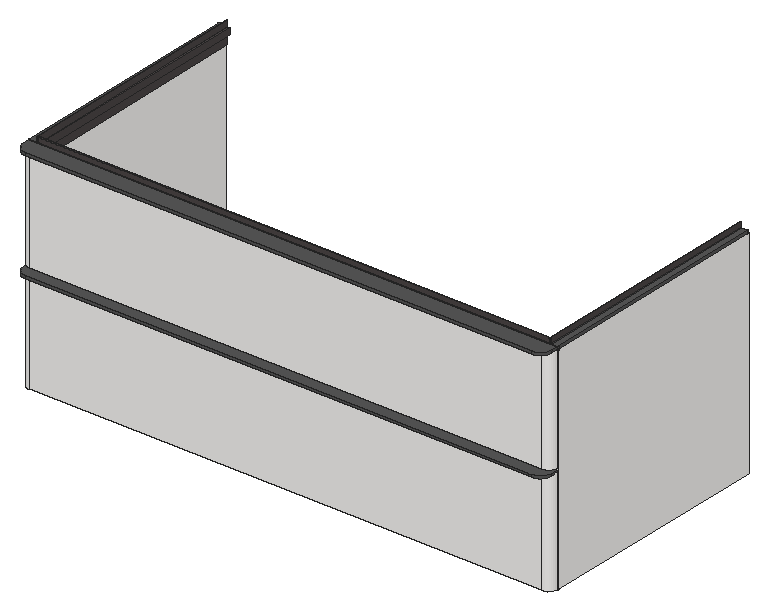
Revit family "vanity unit with 2 drawers for consoles with bowl", category Furniture, Revit 2019 (continued)
Definition of nested family "vanity unit 780_550 with 2 drawers for consoles with bowl-54076000-natural oak-chrome-200_content"
  Parameters (values of type "Vanity unit 780_550 with 2 drawers for consoles with bowl-54076000-Natural Oak-CHROME-200_Content")
    Default Elevation = 1219.2 mm
    DESIGN = "Germany"
    ContentVisible [instance] = yes
    CATALOG = "Hansgrohe"
    BIMOBJECT = "Sanitary: Compound units"
    BASENUMBER = "Vanity unit 780/550 with 2 drawers for consoles with bowl"
    ARTNR = "54076000"
  Reference planes
    plane 1 "Center (Front/Back)": y = 0
    plane 2: z = 0
    plane 3 "Center (Left/Right)": x = 0
  Forms (mm)
    Extrusion 1, solid, visible <- "ContentVisible", detail levels medium+fine
      sketch origin (0, 0, 0) x (1, 0, 0) y (0, 1, 0)
        loop
          line (-390, 0) -> (-390, -551) -> (390, -551) -> (390, 0) -> (374, 0) -> (374, -117) -> (-374, -117) -> (-374, 0) -> (-390, 0)
      from 0 to 480
    Extrusion 2, solid, visible <- "ContentVisible", detail levels medium+fine
      sketch origin (0, 0, 234) x (1, 0, 0) y (0, 1, 0)
        loop
          line (-388.5, -528.5) -> (-388.5, -571) -> (388.5, -571) -> (388.5, -528.5) -> (-388.5, -528.5)
      from 0 to 5
    Extrusion 3, solid, visible <- "ContentVisible", detail levels medium+fine
      sketch origin (0, 0, 480) x (1, 0, 0) y (0, 1, 0)
        loop
          line (-388.5, -528.5) -> (-388.5, -571) -> (388.5, -571) -> (388.5, -528.5) -> (-388.5, -528.5)
      from 0 to 5
    Extrusion 4, solid, visible <- "ContentVisible", detail levels medium+fine
      sketch origin (0, 0, 0) x (1, 0, 0) y (0, 0, -1)
        loop
          line (-374, -447) -> (-374, -485) -> (-372.5, -485) -> (-372.5, -447) -> (-374, -447)
      from -530 to 0
    Extrusion 5, solid, visible <- "ContentVisible", detail levels medium+fine
      sketch origin (0, 0, 0) x (1, 0, 0) y (0, 0, -1)
        loop
          line (372.5, -446.8) -> (372.5, -485) -> (374, -485) -> (374, -446.8) -> (372.5, -446.8)
      from -530 to 0
    Extrusion 6, solid, visible <- "ContentVisible", detail levels medium+fine
      sketch origin (0, 0, 480) x (1, 0, 0) y (0, 1, 0)
        loop
          line (-390, 0) -> (-390, -530) -> (-374, -530) -> (-374, 0) -> (-390, 0)
      from 0 to 5
    Extrusion 7, solid, visible <- "ContentVisible", detail levels medium+fine
      sketch origin (0, 0, 480) x (1, 0, 0) y (0, 1, 0)
        loop
          line (374, 0) -> (374, -530) -> (390, -530) -> (390, 0) -> (374, 0)
      from 0 to 5
    Extrusion 8, solid, visible <- "ContentVisible", detail levels medium+fine
      sketch origin (0, 0, 0) x (1, 0, 0) y (0, 0, -1)
        loop
          line (-372.5, -447) -> (-372.5, -496) -> (-366.4, -496) -> (-366.4, -447) -> (-372.5, -447)
      from -528.5 to 0
    Extrusion 9, solid, visible <- "ContentVisible", detail levels medium+fine
      sketch origin (0, 0, 0) x (1, 0, 0) y (0, 0, -1)
        loop
          line (366.4, -447) -> (366.4, -496) -> (372.5, -496) -> (372.5, -447) -> (366.4, -447)
      from -528.5 to 0
    Extrusion 10, solid, visible <- "ContentVisible", detail levels medium+fine
      sketch origin (0, 0, 0) x (0, 0, -1) y (0, 1, 0)
        loop
          line (-496, -528.5) -> (-447, -528.5) -> (-447, -522.4) -> (-496, -522.4) -> (-496, -528.5)
      from -372.5 to 372.5
    Extrusion 11, solid, visible <- "ContentVisible", detail levels coarse
      sketch origin (0, -285.5, 0) x (1, 0, 0) y (0, 1, 0)
        loop
          line (-390, -285.5) -> (390, -285.5) -> (390, 285.5) -> (-390, 285.5) -> (-390, -285.5)
      from 0 to 496
  Dimensions and locks
    aligned and locked: level to plane 2
Definition of nested family "vanity unit 780_550 with 2 drawers for consoles with bowl-54076000-natural oak-chrome-400_content"
  Parameters (values of type "Vanity unit 780_550 with 2 drawers for consoles with bowl-54076000-Natural Oak-CHROME-400_Content")
    etim7_EC011381 = "EC011381"
    WEIGHT = "31.3"
    UNSPSC = "56 | Furniture and Furnishings"
    UNIFORMATII = "E2010 | Fixed Furnishings"
    UNICLASS_2015_CODE = "40_30_78_05"
    UNICLASS2015 = "Pr_40_30_78_05 | Bathroom furniture"
    SURFACE = "CHROME"
    REGIONSET = "Worldwide"
    PRODUCTURL = "https://pro.hansgrohe.com/articledetail--54076000"
    PRODUCTGROUP = "vanity unit"
    PRODUCTFAMILY = "Xelu Q"
    PERMALINK = "54076XXX"
    OMNICLASS = "23-21 19 15 33 13 | Residential Bathroom Specialty Casework"
    OBJECTTYPE = "Object (single object)"
    OBERFLAECHE = "Natural Oak"
    NN = "Vanity unit with 2 drawers for consoles with bowl"
    NBSYN = "$BASENUMBER.-$ARTNR.-$OBERFLAECHE.-$SURFACE.-$LODLEVEL."
    NB = "Vanity unit 780/550 with 2 drawers for consoles with bowl-54076000-Natural Oak-CHROME-400"
    NAME = "Xelu Q Vanity unit Natural Oak 780/550 with 2 drawers for consoles with bowl"
    Model = "Vanity unit 780/550 with 2 drawers for consoles with bowl-54076000-Natural Oak-CHROME-400"
    Manufacturer = "Hansgrohe"
    MASTERFORMAT = "12 35 30.23 | Bathroom Casework"
    LODLEVEL = "400"
    LINA = "Vanity unit 780/550 with 2 drawers for consoles with bowl-54076000-Natural Oak-CHROME-400"
    L = 780
    IFC = "Furnishing element"
    GTINCODE = "4059625456477"
    ETIM = "EC011381 | Bathroom furniture set"
    Default Elevation = 1219.2 mm
    DESIGN = "Germany"
    ContentVisible [instance] = yes
    CATALOG = "Hansgrohe"
    BIMOBJECT = "Sanitary: Compound units"
    BASENUMBER = "Vanity unit 780/550 with 2 drawers for consoles with bowl"
    ARTNR = "54076000"
  Reference planes
    plane 1 "Center (Front/Back)": y = 0
    plane 2: z = 0
    plane 3 "Center (Left/Right)": x = 0
  Forms (mm)
    Extrusion 1, solid, visible <- "ContentVisible", detail levels medium+fine
      sketch origin (0, 0, 0) x (1, 0, 0) y (0, 1, 0)
        loop
          line (-390, 0) -> (-390, -527)
          arc (-390, -527) -> (-389.121, -529.121) -> (-387, -530) r 3
          line (-387, -530) -> (-374, -530) -> (-374, 0) -> (-390, 0)
      from 0 to 480
    Extrusion 2, solid, visible <- "ContentVisible", detail levels medium+fine
      sketch origin (0, 0, 0) x (1, 0, 0) y (0, 1, 0)
        loop
          line (-374, -133) -> (-374, -499.5) -> (374, -499.5) -> (374, -133) -> (-374, -133)
      from 0 to 16
    Extrusion 3, solid, visible <- "ContentVisible", detail levels medium+fine
      sketch origin (0, 0, 0) x (1, 0, 0) y (0, 1, 0)
        loop
          line (374, 0) -> (374, -530) -> (387, -530)
          arc (387, -530) -> (389.121, -529.121) -> (390, -527) r 3
          line (390, -527) -> (390, 0) -> (374, 0)
      from 0 to 480
    Extrusion 4, solid, visible <- "ContentVisible", detail levels medium+fine
      sketch origin (0, 0, 0) x (1, 0, 0) y (0, 1, 0)
        loop
          line (-374, -117) -> (-374, -133) -> (374, -133) -> (374, -117) -> (-374, -117)
      from 0 to 126
    Extrusion 5, solid, visible <- "ContentVisible", detail levels medium+fine
      sketch origin (0, 0, 2) x (1, 0, 0) y (0, 1, 0)
        loop
          arc (-390, -532) -> (-384.435, -545.435) -> (-371, -551) r 19
          line (-371, -551) -> (371, -551)
          arc (371, -551) -> (384.435, -545.435) -> (390, -532) r 19
          line (390, -532) -> (390, -530) -> (-390, -530) -> (-390, -532)
      from 0 to 234
    Extrusion 6, solid, visible <- "ContentVisible", detail levels medium+fine
      sketch origin (0, 0, 234) x (1, 0, 0) y (0, 1, 0)
        loop
          line (-388.5, -530) -> (-388.5, -546)
          arc (-388.5, -546) -> (-381.178, -563.678) -> (-363.5, -571) r 25
          line (-363.5, -571) -> (363.5, -571)
          arc (363.5, -571) -> (381.178, -563.678) -> (388.5, -546) r 25
          line (388.5, -546) -> (388.5, -530) -> (368.5, -530) -> (368.5, -528.5) -> (-368.5, -528.5) -> (-368.5, -530) -> (-388.5, -530)
      from 0 to 5
    Extrusion 7, solid, visible <- "ContentVisible", detail levels medium+fine
      sketch origin (0, 0, 0) x (0, 0, -1) y (0, 1, 0)
        loop
          line (-239, -528.5) -> (-239, -530) -> (-209, -530) -> (-209, -528.5) -> (-239, -528.5)
      from -368.5 to 368.5
    Extrusion 8, solid, visible <- "ContentVisible", detail levels medium+fine
      sketch origin (0, 0, 245) x (1, 0, 0) y (0, 1, 0)
        loop
          arc (-390, -532) -> (-384.435, -545.435) -> (-371, -551) r 19
          line (-371, -551) -> (371, -551)
          arc (371, -551) -> (384.435, -545.435) -> (390, -532) r 19
          line (390, -532) -> (390, -530) -> (-390, -530) -> (-390, -532)
      from 0 to 235
    Extrusion 9, solid, visible <- "ContentVisible", detail levels medium+fine
      sketch origin (0, 0, 480) x (1, 0, 0) y (0, 1, 0)
        loop
          line (-388.5, -530) -> (-388.5, -546)
          arc (-388.5, -546) -> (-381.178, -563.678) -> (-363.5, -571) r 25
          line (-363.5, -571) -> (363.5, -571)
          arc (363.5, -571) -> (381.178, -563.678) -> (388.5, -546) r 25
          line (388.5, -546) -> (388.5, -530) -> (368.5, -530) -> (368.5, -528.5) -> (-368.5, -528.5) -> (-368.5, -530) -> (-388.5, -530)
      from 0 to 5
    Extrusion 10, solid, visible <- "ContentVisible", detail levels medium+fine
      sketch origin (0, 0, 0) x (0, 0, -1) y (0, 1, 0)
        loop
          line (-485, -528.5) -> (-485, -530) -> (-455, -530) -> (-455, -528.5) -> (-485, -528.5)
      from -368.5 to 368.5
    Extrusion 11, solid, visible <- "ContentVisible", detail levels medium+fine
      sketch origin (0, 0, 0) x (1, 0, 0) y (0, 0, -1)
        loop
          line (-374, -447) -> (-374, -485) -> (-372.5, -485) -> (-372.5, -447) -> (-374, -447)
      from -530 to 0
    Extrusion 12, solid, visible <- "ContentVisible", detail levels medium+fine
      sketch origin (0, 0, 0) x (1, 0, 0) y (0, 0, -1)
        loop
          line (372.5, -446.8) -> (372.5, -485) -> (374, -485) -> (374, -446.8) -> (372.5, -446.8)
      from -530 to 0
    Extrusion 13, solid, visible <- "ContentVisible", detail levels medium+fine
      sketch origin (0, 0, 480) x (1, 0, 0) y (0, 1, 0)
        loop
          line (-390, -3) -> (-390, -527)
          arc (-390, -527) -> (-389.121, -529.121) -> (-387, -530) r 3
          line (-387, -530) -> (-374, -530) -> (-374, 0) -> (-387, 0)
          arc (-387, 0) -> (-389.121, -0.879) -> (-390, -3) r 3
      from 0 to 5
    Extrusion 14, solid, visible <- "ContentVisible", detail levels medium+fine
      sketch origin (0, 0, 480) x (1, 0, 0) y (0, 1, 0)
        loop
          line (374, 0) -> (374, -530) -> (387, -530)
          arc (387, -530) -> (389.121, -529.121) -> (390, -527) r 3
          line (390, -527) -> (390, -3)
          arc (390, -3) -> (389.121, -0.879) -> (387, 0) r 3
          line (387, 0) -> (374, 0)
      from 0 to 5
    Extrusion 15, solid, visible <- "ContentVisible", detail levels medium+fine
      sketch origin (0, 0, 0) x (1, 0, 0) y (0, 0, -1)
        loop
          line (-372.5, -447) -> (-372.5, -496) -> (-371, -496) -> (-371, -483) -> (-366.4, -483) -> (-366.4, -468.5) -> (-371, -468.5) -> (-371, -447) -> (-372.5, -447)
      from -528.5 to 0
    Extrusion 16, solid, visible <- "ContentVisible", detail levels medium+fine
      sketch origin (0, 0, 0) x (1, 0, 0) y (0, 0, -1)
        loop
          line (366.4, -468.5) -> (366.4, -483) -> (371, -483) -> (371, -496) -> (372.5, -496) -> (372.5, -447) -> (371, -447) -> (371, -468.5) -> (366.4, -468.5)
      from -528.5 to 0
    Extrusion 17, solid, visible <- "ContentVisible", detail levels medium+fine
      sketch origin (0, 0, 0) x (0, 0, -1) y (0, 1, 0)
        loop
          line (-496, -528.5) -> (-447, -528.5) -> (-447, -527) -> (-468.5, -527) -> (-468.5, -522.4) -> (-483, -522.4) -> (-483, -527) -> (-496, -527) -> (-496, -528.5)
      from -372.5 to 372.5
    Extrusion 18, solid, visible <- "ContentVisible", detail levels coarse
      sketch origin (0, -285.5, 0) x (1, 0, 0) y (0, 1, 0)
        loop
          line (-390, -285.5) -> (390, -285.5) -> (390, 285.5) -> (-390, 285.5) -> (-390, -285.5)
      from 0 to 496
  Dimensions and locks
    aligned and locked: level to plane 2
Definition of nested family "vanity unit 780_550 with 2 drawers for consoles with bowl-54076670-natural oak-matt_black-200_content"
  Parameters (values of type "Vanity unit 780_550 with 2 drawers for consoles with bowl-54076670-Natural Oak-MATT_BLACK-200_Content")
    etim7_EC011381 = "EC011381"
    WEIGHT = "31.3"
    UNSPSC = "56 | Furniture and Furnishings"
    UNIFORMATII = "E2010 | Fixed Furnishings"
    UNICLASS_2015_CODE = "40_30_78_05"
    UNICLASS2015 = "Pr_40_30_78_05 | Bathroom furniture"
    SURFACE = "MATT_BLACK"
    REGIONSET = "Worldwide"
    PRODUCTURL = "https://pro.hansgrohe.com/articledetail--54076000"
    PRODUCTGROUP = "vanity unit"
    PRODUCTFAMILY = "Xelu Q"
    PERMALINK = "54076XXX"
    OMNICLASS = "23-21 19 15 33 13 | Residential Bathroom Specialty Casework"
    OBJECTTYPE = "Object (single object)"
    OBERFLAECHE = "Natural Oak"
    NN = "Vanity unit with 2 drawers for consoles with bowl"
    NBSYN = "$BASENUMBER.-$ARTNR.-$OBERFLAECHE.-$SURFACE.-$LODLEVEL."
    NB = "Vanity unit 780/550 with 2 drawers for consoles with bowl-54076670-Natural Oak-MATT_BLACK-200"
    NAME = "Xelu Q Vanity unit Natural Oak 780/550 with 2 drawers for consoles with bowl"
    Model = "Vanity unit 780/550 with 2 drawers for consoles with bowl-54076670-Natural Oak-MATT_BLACK-200"
    Manufacturer = "Hansgrohe"
    MASTERFORMAT = "12 35 30.23 | Bathroom Casework"
    LODLEVEL = "200"
    LINA = "Vanity unit 780/550 with 2 drawers for consoles with bowl-54076670-Natural Oak-MATT_BLACK-200"
    L = 780
    IFC = "Furnishing element"
    GTINCODE = "4059625456477"
    ETIM = "EC011381 | Bathroom furniture set"
    Default Elevation = 1219.2 mm
    DESIGN = "Germany"
    ContentVisible [instance] = yes
    CATALOG = "Hansgrohe"
    BIMOBJECT = "Sanitary: Compound units"
    BASENUMBER = "Vanity unit 780/550 with 2 drawers for consoles with bowl"
    ARTNR = "54076670"
  Reference planes
    plane 1 "Center (Front/Back)": y = 0
    plane 2: z = 0
    plane 3 "Center (Left/Right)": x = 0
  Forms (mm)
    Extrusion 1, solid, visible <- "ContentVisible", detail levels medium+fine
      sketch origin (0, 0, 0) x (1, 0, 0) y (0, 1, 0)
        loop
          line (-390, 0) -> (-390, -551) -> (390, -551) -> (390, 0) -> (374, 0) -> (374, -117) -> (-374, -117) -> (-374, 0) -> (-390, 0)
      from 0 to 480
    Extrusion 2, solid, visible <- "ContentVisible", detail levels medium+fine
      sketch origin (0, 0, 234) x (1, 0, 0) y (0, 1, 0)
        loop
          line (-388.5, -528.5) -> (-388.5, -571) -> (388.5, -571) -> (388.5, -528.5) -> (-388.5, -528.5)
      from 0 to 5
    Extrusion 3, solid, visible <- "ContentVisible", detail levels medium+fine
      sketch origin (0, 0, 480) x (1, 0, 0) y (0, 1, 0)
        loop
          line (-388.5, -528.5) -> (-388.5, -571) -> (388.5, -571) -> (388.5, -528.5) -> (-388.5, -528.5)
      from 0 to 5
    Extrusion 4, solid, visible <- "ContentVisible", detail levels medium+fine
      sketch origin (0, 0, 0) x (1, 0, 0) y (0, 0, -1)
        loop
          line (-374, -447) -> (-374, -485) -> (-372.5, -485) -> (-372.5, -447) -> (-374, -447)
      from -530 to 0
    Extrusion 5, solid, visible <- "ContentVisible", detail levels medium+fine
      sketch origin (0, 0, 0) x (1, 0, 0) y (0, 0, -1)
        loop
          line (372.5, -446.8) -> (372.5, -485) -> (374, -485) -> (374, -446.8) -> (372.5, -446.8)
      from -530 to 0
    Extrusion 6, solid, visible <- "ContentVisible", detail levels medium+fine
      sketch origin (0, 0, 480) x (1, 0, 0) y (0, 1, 0)
        loop
          line (-390, 0) -> (-390, -530) -> (-374, -530) -> (-374, 0) -> (-390, 0)
      from 0 to 5
    Extrusion 7, solid, visible <- "ContentVisible", detail levels medium+fine
      sketch origin (0, 0, 480) x (1, 0, 0) y (0, 1, 0)
        loop
          line (374, 0) -> (374, -530) -> (390, -530) -> (390, 0) -> (374, 0)
      from 0 to 5
    Extrusion 8, solid, visible <- "ContentVisible", detail levels medium+fine
      sketch origin (0, 0, 0) x (1, 0, 0) y (0, 0, -1)
        loop
          line (-372.5, -447) -> (-372.5, -496) -> (-366.4, -496) -> (-366.4, -447) -> (-372.5, -447)
      from -528.5 to 0
    Extrusion 9, solid, visible <- "ContentVisible", detail levels medium+fine
      sketch origin (0, 0, 0) x (1, 0, 0) y (0, 0, -1)
        loop
          line (366.4, -447) -> (366.4, -496) -> (372.5, -496) -> (372.5, -447) -> (366.4, -447)
      from -528.5 to 0
    Extrusion 10, solid, visible <- "ContentVisible", detail levels medium+fine
      sketch origin (0, 0, 0) x (0, 0, -1) y (0, 1, 0)
        loop
          line (-496, -528.5) -> (-447, -528.5) -> (-447, -522.4) -> (-496, -522.4) -> (-496, -528.5)
      from -372.5 to 372.5
    Extrusion 11, solid, visible <- "ContentVisible", detail levels coarse
      sketch origin (0, -285.5, 0) x (1, 0, 0) y (0, 1, 0)
        loop
          line (-390, -285.5) -> (390, -285.5) -> (390, 285.5) -> (-390, 285.5) -> (-390, -285.5)
      from 0 to 496
  Dimensions and locks
    aligned and locked: level to plane 2
Definition of nested family "vanity unit 780_550 with 2 drawers for consoles with bowl-54076670-natural oak-matt_black-400_content"
  Parameters (values of type "Vanity unit 780_550 with 2 drawers for consoles with bowl-54076670-Natural Oak-MATT_BLACK-400_Content")
    etim7_EC011381 = "EC011381"
    WEIGHT = "31.3"
    UNSPSC = "56 | Furniture and Furnishings"
    UNIFORMATII = "E2010 | Fixed Furnishings"
    UNICLASS_2015_CODE = "40_30_78_05"
    UNICLASS2015 = "Pr_40_30_78_05 | Bathroom furniture"
    SURFACE = "MATT_BLACK"
    REGIONSET = "Worldwide"
    PRODUCTURL = "https://pro.hansgrohe.com/articledetail--54076000"
    PRODUCTGROUP = "vanity unit"
    PRODUCTFAMILY = "Xelu Q"
    PERMALINK = "54076XXX"
    OMNICLASS = "23-21 19 15 33 13 | Residential Bathroom Specialty Casework"
    OBJECTTYPE = "Object (single object)"
    OBERFLAECHE = "Natural Oak"
    NN = "Vanity unit with 2 drawers for consoles with bowl"
    NBSYN = "$BASENUMBER.-$ARTNR.-$OBERFLAECHE.-$SURFACE.-$LODLEVEL."
    NB = "Vanity unit 780/550 with 2 drawers for consoles with bowl-54076670-Natural Oak-MATT_BLACK-400"
    NAME = "Xelu Q Vanity unit Natural Oak 780/550 with 2 drawers for consoles with bowl"
    Model = "Vanity unit 780/550 with 2 drawers for consoles with bowl-54076670-Natural Oak-MATT_BLACK-400"
    Manufacturer = "Hansgrohe"
    MASTERFORMAT = "12 35 30.23 | Bathroom Casework"
    LODLEVEL = "400"
    LINA = "Vanity unit 780/550 with 2 drawers for consoles with bowl-54076670-Natural Oak-MATT_BLACK-400"
    L = 780
    IFC = "Furnishing element"
    GTINCODE = "4059625456477"
    ETIM = "EC011381 | Bathroom furniture set"
    Default Elevation = 1219.2 mm
    DESIGN = "Germany"
    ContentVisible [instance] = yes
    CATALOG = "Hansgrohe"
    BIMOBJECT = "Sanitary: Compound units"
    BASENUMBER = "Vanity unit 780/550 with 2 drawers for consoles with bowl"
    ARTNR = "54076670"
  Reference planes
    plane 1 "Center (Front/Back)": y = 0
    plane 2: z = 0
    plane 3 "Center (Left/Right)": x = 0
  Forms (mm)
    Extrusion 1, solid, visible <- "ContentVisible", detail levels medium+fine
      sketch origin (0, 0, 0) x (1, 0, 0) y (0, 1, 0)
        loop
          line (-390, 0) -> (-390, -527)
          arc (-390, -527) -> (-389.121, -529.121) -> (-387, -530) r 3
          line (-387, -530) -> (-374, -530) -> (-374, 0) -> (-390, 0)
      from 0 to 480
    Extrusion 2, solid, visible <- "ContentVisible", detail levels medium+fine
      sketch origin (0, 0, 0) x (1, 0, 0) y (0, 1, 0)
        loop
          line (-374, -133) -> (-374, -499.5) -> (374, -499.5) -> (374, -133) -> (-374, -133)
      from 0 to 16
    Extrusion 3, solid, visible <- "ContentVisible", detail levels medium+fine
      sketch origin (0, 0, 0) x (1, 0, 0) y (0, 1, 0)
        loop
          line (374, 0) -> (374, -530) -> (387, -530)
          arc (387, -530) -> (389.121, -529.121) -> (390, -527) r 3
          line (390, -527) -> (390, 0) -> (374, 0)
      from 0 to 480
    Extrusion 4, solid, visible <- "ContentVisible", detail levels medium+fine
      sketch origin (0, 0, 0) x (1, 0, 0) y (0, 1, 0)
        loop
          line (-374, -117) -> (-374, -133) -> (374, -133) -> (374, -117) -> (-374, -117)
      from 0 to 126
    Extrusion 5, solid, visible <- "ContentVisible", detail levels medium+fine
      sketch origin (0, 0, 2) x (1, 0, 0) y (0, 1, 0)
        loop
          arc (-390, -532) -> (-384.435, -545.435) -> (-371, -551) r 19
          line (-371, -551) -> (371, -551)
          arc (371, -551) -> (384.435, -545.435) -> (390, -532) r 19
          line (390, -532) -> (390, -530) -> (-390, -530) -> (-390, -532)
      from 0 to 234
    Extrusion 6, solid, visible <- "ContentVisible", detail levels medium+fine
      sketch origin (0, 0, 234) x (1, 0, 0) y (0, 1, 0)
        loop
          line (-388.5, -530) -> (-388.5, -546)
          arc (-388.5, -546) -> (-381.178, -563.678) -> (-363.5, -571) r 25
          line (-363.5, -571) -> (363.5, -571)
          arc (363.5, -571) -> (381.178, -563.678) -> (388.5, -546) r 25
          line (388.5, -546) -> (388.5, -530) -> (368.5, -530) -> (368.5, -528.5) -> (-368.5, -528.5) -> (-368.5, -530) -> (-388.5, -530)
      from 0 to 5
    Extrusion 7, solid, visible <- "ContentVisible", detail levels medium+fine
      sketch origin (0, 0, 0) x (0, 0, -1) y (0, 1, 0)
        loop
          line (-239, -528.5) -> (-239, -530) -> (-209, -530) -> (-209, -528.5) -> (-239, -528.5)
      from -368.5 to 368.5
    Extrusion 8, solid, visible <- "ContentVisible", detail levels medium+fine
      sketch origin (0, 0, 245) x (1, 0, 0) y (0, 1, 0)
        loop
          arc (-390, -532) -> (-384.435, -545.435) -> (-371, -551) r 19
          line (-371, -551) -> (371, -551)
          arc (371, -551) -> (384.435, -545.435) -> (390, -532) r 19
          line (390, -532) -> (390, -530) -> (-390, -530) -> (-390, -532)
      from 0 to 235
    Extrusion 9, solid, visible <- "ContentVisible", detail levels medium+fine
      sketch origin (0, 0, 480) x (1, 0, 0) y (0, 1, 0)
        loop
          line (-388.5, -530) -> (-388.5, -546)
          arc (-388.5, -546) -> (-381.178, -563.678) -> (-363.5, -571) r 25
          line (-363.5, -571) -> (363.5, -571)
          arc (363.5, -571) -> (381.178, -563.678) -> (388.5, -546) r 25
          line (388.5, -546) -> (388.5, -530) -> (368.5, -530) -> (368.5, -528.5) -> (-368.5, -528.5) -> (-368.5, -530) -> (-388.5, -530)
      from 0 to 5
    Extrusion 10, solid, visible <- "ContentVisible", detail levels medium+fine
      sketch origin (0, 0, 0) x (0, 0, -1) y (0, 1, 0)
        loop
          line (-485, -528.5) -> (-485, -530) -> (-455, -530) -> (-455, -528.5) -> (-485, -528.5)
      from -368.5 to 368.5
    Extrusion 11, solid, visible <- "ContentVisible", detail levels medium+fine
      sketch origin (0, 0, 0) x (1, 0, 0) y (0, 0, -1)
        loop
          line (-374, -447) -> (-374, -485) -> (-372.5, -485) -> (-372.5, -447) -> (-374, -447)
      from -530 to 0
    Extrusion 12, solid, visible <- "ContentVisible", detail levels medium+fine
      sketch origin (0, 0, 0) x (1, 0, 0) y (0, 0, -1)
        loop
          line (372.5, -446.8) -> (372.5, -485) -> (374, -485) -> (374, -446.8) -> (372.5, -446.8)
      from -530 to 0
    Extrusion 13, solid, visible <- "ContentVisible", detail levels medium+fine
      sketch origin (0, 0, 480) x (1, 0, 0) y (0, 1, 0)
        loop
          line (-390, -3) -> (-390, -527)
          arc (-390, -527) -> (-389.121, -529.121) -> (-387, -530) r 3
          line (-387, -530) -> (-374, -530) -> (-374, 0) -> (-387, 0)
          arc (-387, 0) -> (-389.121, -0.879) -> (-390, -3) r 3
      from 0 to 5
    Extrusion 14, solid, visible <- "ContentVisible", detail levels medium+fine
      sketch origin (0, 0, 480) x (1, 0, 0) y (0, 1, 0)
        loop
          line (374, 0) -> (374, -530) -> (387, -530)
          arc (387, -530) -> (389.121, -529.121) -> (390, -527) r 3
          line (390, -527) -> (390, -3)
          arc (390, -3) -> (389.121, -0.879) -> (387, 0) r 3
          line (387, 0) -> (374, 0)
      from 0 to 5
    Extrusion 15, solid, visible <- "ContentVisible", detail levels medium+fine
      sketch origin (0, 0, 0) x (1, 0, 0) y (0, 0, -1)
        loop
          line (-372.5, -447) -> (-372.5, -496) -> (-371, -496) -> (-371, -483) -> (-366.4, -483) -> (-366.4, -468.5) -> (-371, -468.5) -> (-371, -447) -> (-372.5, -447)
      from -528.5 to 0
    Extrusion 16, solid, visible <- "ContentVisible", detail levels medium+fine
      sketch origin (0, 0, 0) x (1, 0, 0) y (0, 0, -1)
        loop
          line (366.4, -468.5) -> (366.4, -483) -> (371, -483) -> (371, -496) -> (372.5, -496) -> (372.5, -447) -> (371, -447) -> (371, -468.5) -> (366.4, -468.5)
      from -528.5 to 0
    Extrusion 17, solid, visible <- "ContentVisible", detail levels medium+fine
      sketch origin (0, 0, 0) x (0, 0, -1) y (0, 1, 0)
        loop
          line (-496, -528.5) -> (-447, -528.5) -> (-447, -527) -> (-468.5, -527) -> (-468.5, -522.4) -> (-483, -522.4) -> (-483, -527) -> (-496, -527) -> (-496, -528.5)
      from -372.5 to 372.5
    Extrusion 18, solid, visible <- "ContentVisible", detail levels coarse
      sketch origin (0, -285.5, 0) x (1, 0, 0) y (0, 1, 0)
        loop
          line (-390, -285.5) -> (390, -285.5) -> (390, 285.5) -> (-390, 285.5) -> (-390, -285.5)
      from 0 to 496
  Dimensions and locks
    aligned and locked: level to plane 2
Definition of nested family "vanity unit 780_550 with 2 drawers for consoles with bowl-54076700-natural oak-matt_white-200_content"
  Parameters (values of type "Vanity unit 780_550 with 2 drawers for consoles with bowl-54076700-Natural Oak-MATT_WHITE-200_Content")
    etim7_EC011381 = "EC011381"
    WEIGHT = "31.3"
    UNSPSC = "56 | Furniture and Furnishings"
    UNIFORMATII = "E2010 | Fixed Furnishings"
    UNICLASS_2015_CODE = "40_30_78_05"
    UNICLASS2015 = "Pr_40_30_78_05 | Bathroom furniture"
    SURFACE = "MATT_WHITE"
    REGIONSET = "Worldwide"
    PRODUCTURL = "https://pro.hansgrohe.com/articledetail--54076000"
    PRODUCTGROUP = "vanity unit"
    PRODUCTFAMILY = "Xelu Q"
    PERMALINK = "54076XXX"
    OMNICLASS = "23-21 19 15 33 13 | Residential Bathroom Specialty Casework"
    OBJECTTYPE = "Object (single object)"
    OBERFLAECHE = "Natural Oak"
    NN = "Vanity unit with 2 drawers for consoles with bowl"
    NBSYN = "$BASENUMBER.-$ARTNR.-$OBERFLAECHE.-$SURFACE.-$LODLEVEL."
    NB = "Vanity unit 780/550 with 2 drawers for consoles with bowl-54076700-Natural Oak-MATT_WHITE-200"
    NAME = "Xelu Q Vanity unit Natural Oak 780/550 with 2 drawers for consoles with bowl"
    Model = "Vanity unit 780/550 with 2 drawers for consoles with bowl-54076700-Natural Oak-MATT_WHITE-200"
    Manufacturer = "Hansgrohe"
    MASTERFORMAT = "12 35 30.23 | Bathroom Casework"
    LODLEVEL = "200"
    LINA = "Vanity unit 780/550 with 2 drawers for consoles with bowl-54076700-Natural Oak-MATT_WHITE-200"
    L = 780
    IFC = "Furnishing element"
    GTINCODE = "4059625456477"
    ETIM = "EC011381 | Bathroom furniture set"
    Default Elevation = 1219.2 mm
    DESIGN = "Germany"
    ContentVisible [instance] = yes
    CATALOG = "Hansgrohe"
    BIMOBJECT = "Sanitary: Compound units"
    BASENUMBER = "Vanity unit 780/550 with 2 drawers for consoles with bowl"
    ARTNR = "54076700"
  Reference planes
    plane 1 "Center (Front/Back)": y = 0
    plane 2: z = 0
    plane 3 "Center (Left/Right)": x = 0
  Forms (mm)
    Extrusion 1, solid, visible <- "ContentVisible", detail levels medium+fine
      sketch origin (0, 0, 0) x (1, 0, 0) y (0, 1, 0)
        loop
          line (-390, 0) -> (-390, -551) -> (390, -551) -> (390, 0) -> (374, 0) -> (374, -117) -> (-374, -117) -> (-374, 0) -> (-390, 0)
      from 0 to 480
    Extrusion 2, solid, visible <- "ContentVisible", detail levels medium+fine
      sketch origin (0, 0, 234) x (1, 0, 0) y (0, 1, 0)
        loop
          line (-388.5, -528.5) -> (-388.5, -571) -> (388.5, -571) -> (388.5, -528.5) -> (-388.5, -528.5)
      from 0 to 5
    Extrusion 3, solid, visible <- "ContentVisible", detail levels medium+fine
      sketch origin (0, 0, 480) x (1, 0, 0) y (0, 1, 0)
        loop
          line (-388.5, -528.5) -> (-388.5, -571) -> (388.5, -571) -> (388.5, -528.5) -> (-388.5, -528.5)
      from 0 to 5
    Extrusion 4, solid, visible <- "ContentVisible", detail levels medium+fine
      sketch origin (0, 0, 0) x (1, 0, 0) y (0, 0, -1)
        loop
          line (-374, -447) -> (-374, -485) -> (-372.5, -485) -> (-372.5, -447) -> (-374, -447)
      from -530 to 0
    Extrusion 5, solid, visible <- "ContentVisible", detail levels medium+fine
      sketch origin (0, 0, 0) x (1, 0, 0) y (0, 0, -1)
        loop
          line (372.5, -446.8) -> (372.5, -485) -> (374, -485) -> (374, -446.8) -> (372.5, -446.8)
      from -530 to 0
    Extrusion 6, solid, visible <- "ContentVisible", detail levels medium+fine
      sketch origin (0, 0, 480) x (1, 0, 0) y (0, 1, 0)
        loop
          line (-390, 0) -> (-390, -530) -> (-374, -530) -> (-374, 0) -> (-390, 0)
      from 0 to 5
    Extrusion 7, solid, visible <- "ContentVisible", detail levels medium+fine
      sketch origin (0, 0, 480) x (1, 0, 0) y (0, 1, 0)
        loop
          line (374, 0) -> (374, -530) -> (390, -530) -> (390, 0) -> (374, 0)
      from 0 to 5
    Extrusion 8, solid, visible <- "ContentVisible", detail levels medium+fine
      sketch origin (0, 0, 0) x (1, 0, 0) y (0, 0, -1)
        loop
          line (-372.5, -447) -> (-372.5, -496) -> (-366.4, -496) -> (-366.4, -447) -> (-372.5, -447)
      from -528.5 to 0
    Extrusion 9, solid, visible <- "ContentVisible", detail levels medium+fine
      sketch origin (0, 0, 0) x (1, 0, 0) y (0, 0, -1)
        loop
          line (366.4, -447) -> (366.4, -496) -> (372.5, -496) -> (372.5, -447) -> (366.4, -447)
      from -528.5 to 0
    Extrusion 10, solid, visible <- "ContentVisible", detail levels medium+fine
      sketch origin (0, 0, 0) x (0, 0, -1) y (0, 1, 0)
        loop
          line (-496, -528.5) -> (-447, -528.5) -> (-447, -522.4) -> (-496, -522.4) -> (-496, -528.5)
      from -372.5 to 372.5
    Extrusion 11, solid, visible <- "ContentVisible", detail levels coarse
      sketch origin (0, -285.5, 0) x (1, 0, 0) y (0, 1, 0)
        loop
          line (-390, -285.5) -> (390, -285.5) -> (390, 285.5) -> (-390, 285.5) -> (-390, -285.5)
      from 0 to 496
  Dimensions and locks
    aligned and locked: level to plane 2
Definition of nested family "vanity unit 780_550 with 2 drawers for consoles with bowl-54076700-natural oak-matt_white-400_content"
  Parameters (values of type "Vanity unit 780_550 with 2 drawers for consoles with bowl-54076700-Natural Oak-MATT_WHITE-400_Content")
    etim7_EC011381 = "EC011381"
    WEIGHT = "31.3"
    UNSPSC = "56 | Furniture and Furnishings"
    UNIFORMATII = "E2010 | Fixed Furnishings"
    UNICLASS_2015_CODE = "40_30_78_05"
    UNICLASS2015 = "Pr_40_30_78_05 | Bathroom furniture"
    SURFACE = "MATT_WHITE"
    REGIONSET = "Worldwide"
    PRODUCTURL = "https://pro.hansgrohe.com/articledetail--54076000"
    PRODUCTGROUP = "vanity unit"
    PRODUCTFAMILY = "Xelu Q"
    PERMALINK = "54076XXX"
    OMNICLASS = "23-21 19 15 33 13 | Residential Bathroom Specialty Casework"
    OBJECTTYPE = "Object (single object)"
    OBERFLAECHE = "Natural Oak"
    NN = "Vanity unit with 2 drawers for consoles with bowl"
    NBSYN = "$BASENUMBER.-$ARTNR.-$OBERFLAECHE.-$SURFACE.-$LODLEVEL."
    NB = "Vanity unit 780/550 with 2 drawers for consoles with bowl-54076700-Natural Oak-MATT_WHITE-400"
    NAME = "Xelu Q Vanity unit Natural Oak 780/550 with 2 drawers for consoles with bowl"
    Model = "Vanity unit 780/550 with 2 drawers for consoles with bowl-54076700-Natural Oak-MATT_WHITE-400"
    Manufacturer = "Hansgrohe"
    MASTERFORMAT = "12 35 30.23 | Bathroom Casework"
    LODLEVEL = "400"
    LINA = "Vanity unit 780/550 with 2 drawers for consoles with bowl-54076700-Natural Oak-MATT_WHITE-400"
    L = 780
    IFC = "Furnishing element"
    GTINCODE = "4059625456477"
    ETIM = "EC011381 | Bathroom furniture set"
    Default Elevation = 1219.2 mm
    DESIGN = "Germany"
    ContentVisible [instance] = yes
    CATALOG = "Hansgrohe"
    BIMOBJECT = "Sanitary: Compound units"
    BASENUMBER = "Vanity unit 780/550 with 2 drawers for consoles with bowl"
    ARTNR = "54076700"
  Reference planes
    plane 1 "Center (Front/Back)": y = 0
    plane 2: z = 0
    plane 3 "Center (Left/Right)": x = 0
  Forms (mm)
    Extrusion 1, solid, visible <- "ContentVisible", detail levels medium+fine
      sketch origin (0, 0, 0) x (1, 0, 0) y (0, 1, 0)
        loop
          line (-390, 0) -> (-390, -527)
          arc (-390, -527) -> (-389.121, -529.121) -> (-387, -530) r 3
          line (-387, -530) -> (-374, -530) -> (-374, 0) -> (-390, 0)
      from 0 to 480
    Extrusion 2, solid, visible <- "ContentVisible", detail levels medium+fine
      sketch origin (0, 0, 0) x (1, 0, 0) y (0, 1, 0)
        loop
          line (-374, -133) -> (-374, -499.5) -> (374, -499.5) -> (374, -133) -> (-374, -133)
      from 0 to 16
    Extrusion 3, solid, visible <- "ContentVisible", detail levels medium+fine
      sketch origin (0, 0, 0) x (1, 0, 0) y (0, 1, 0)
        loop
          line (374, 0) -> (374, -530) -> (387, -530)
          arc (387, -530) -> (389.121, -529.121) -> (390, -527) r 3
          line (390, -527) -> (390, 0) -> (374, 0)
      from 0 to 480
    Extrusion 4, solid, visible <- "ContentVisible", detail levels medium+fine
      sketch origin (0, 0, 0) x (1, 0, 0) y (0, 1, 0)
        loop
          line (-374, -117) -> (-374, -133) -> (374, -133) -> (374, -117) -> (-374, -117)
      from 0 to 126
    Extrusion 5, solid, visible <- "ContentVisible", detail levels medium+fine
      sketch origin (0, 0, 2) x (1, 0, 0) y (0, 1, 0)
        loop
          arc (-390, -532) -> (-384.435, -545.435) -> (-371, -551) r 19
          line (-371, -551) -> (371, -551)
          arc (371, -551) -> (384.435, -545.435) -> (390, -532) r 19
          line (390, -532) -> (390, -530) -> (-390, -530) -> (-390, -532)
      from 0 to 234
    Extrusion 6, solid, visible <- "ContentVisible", detail levels medium+fine
      sketch origin (0, 0, 234) x (1, 0, 0) y (0, 1, 0)
        loop
          line (-388.5, -530) -> (-388.5, -546)
          arc (-388.5, -546) -> (-381.178, -563.678) -> (-363.5, -571) r 25
          line (-363.5, -571) -> (363.5, -571)
          arc (363.5, -571) -> (381.178, -563.678) -> (388.5, -546) r 25
          line (388.5, -546) -> (388.5, -530) -> (368.5, -530) -> (368.5, -528.5) -> (-368.5, -528.5) -> (-368.5, -530) -> (-388.5, -530)
      from 0 to 5
    Extrusion 7, solid, visible <- "ContentVisible", detail levels medium+fine
      sketch origin (0, 0, 0) x (0, 0, -1) y (0, 1, 0)
        loop
          line (-239, -528.5) -> (-239, -530) -> (-209, -530) -> (-209, -528.5) -> (-239, -528.5)
      from -368.5 to 368.5
    Extrusion 8, solid, visible <- "ContentVisible", detail levels medium+fine
      sketch origin (0, 0, 245) x (1, 0, 0) y (0, 1, 0)
        loop
          arc (-390, -532) -> (-384.435, -545.435) -> (-371, -551) r 19
          line (-371, -551) -> (371, -551)
          arc (371, -551) -> (384.435, -545.435) -> (390, -532) r 19
          line (390, -532) -> (390, -530) -> (-390, -530) -> (-390, -532)
      from 0 to 235
    Extrusion 9, solid, visible <- "ContentVisible", detail levels medium+fine
      sketch origin (0, 0, 480) x (1, 0, 0) y (0, 1, 0)
        loop
          line (-388.5, -530) -> (-388.5, -546)
          arc (-388.5, -546) -> (-381.178, -563.678) -> (-363.5, -571) r 25
          line (-363.5, -571) -> (363.5, -571)
          arc (363.5, -571) -> (381.178, -563.678) -> (388.5, -546) r 25
          line (388.5, -546) -> (388.5, -530) -> (368.5, -530) -> (368.5, -528.5) -> (-368.5, -528.5) -> (-368.5, -530) -> (-388.5, -530)
      from 0 to 5
    Extrusion 10, solid, visible <- "ContentVisible", detail levels medium+fine
      sketch origin (0, 0, 0) x (0, 0, -1) y (0, 1, 0)
        loop
          line (-485, -528.5) -> (-485, -530) -> (-455, -530) -> (-455, -528.5) -> (-485, -528.5)
      from -368.5 to 368.5
    Extrusion 11, solid, visible <- "ContentVisible", detail levels medium+fine
      sketch origin (0, 0, 0) x (1, 0, 0) y (0, 0, -1)
        loop
          line (-374, -447) -> (-374, -485) -> (-372.5, -485) -> (-372.5, -447) -> (-374, -447)
      from -530 to 0
    Extrusion 12, solid, visible <- "ContentVisible", detail levels medium+fine
      sketch origin (0, 0, 0) x (1, 0, 0) y (0, 0, -1)
        loop
          line (372.5, -446.8) -> (372.5, -485) -> (374, -485) -> (374, -446.8) -> (372.5, -446.8)
      from -530 to 0
    Extrusion 13, solid, visible <- "ContentVisible", detail levels medium+fine
      sketch origin (0, 0, 480) x (1, 0, 0) y (0, 1, 0)
        loop
          line (-390, -3) -> (-390, -527)
          arc (-390, -527) -> (-389.121, -529.121) -> (-387, -530) r 3
          line (-387, -530) -> (-374, -530) -> (-374, 0) -> (-387, 0)
          arc (-387, 0) -> (-389.121, -0.879) -> (-390, -3) r 3
      from 0 to 5
    Extrusion 14, solid, visible <- "ContentVisible", detail levels medium+fine
      sketch origin (0, 0, 480) x (1, 0, 0) y (0, 1, 0)
        loop
          line (374, 0) -> (374, -530) -> (387, -530)
          arc (387, -530) -> (389.121, -529.121) -> (390, -527) r 3
          line (390, -527) -> (390, -3)
          arc (390, -3) -> (389.121, -0.879) -> (387, 0) r 3
          line (387, 0) -> (374, 0)
      from 0 to 5
    Extrusion 15, solid, visible <- "ContentVisible", detail levels medium+fine
      sketch origin (0, 0, 0) x (1, 0, 0) y (0, 0, -1)
        loop
          line (-372.5, -447) -> (-372.5, -496) -> (-371, -496) -> (-371, -483) -> (-366.4, -483) -> (-366.4, -468.5) -> (-371, -468.5) -> (-371, -447) -> (-372.5, -447)
      from -528.5 to 0
    Extrusion 16, solid, visible <- "ContentVisible", detail levels medium+fine
      sketch origin (0, 0, 0) x (1, 0, 0) y (0, 0, -1)
        loop
          line (366.4, -468.5) -> (366.4, -483) -> (371, -483) -> (371, -496) -> (372.5, -496) -> (372.5, -447) -> (371, -447) -> (371, -468.5) -> (366.4, -468.5)
      from -528.5 to 0
    Extrusion 17, solid, visible <- "ContentVisible", detail levels medium+fine
      sketch origin (0, 0, 0) x (0, 0, -1) y (0, 1, 0)
        loop
          line (-496, -528.5) -> (-447, -528.5) -> (-447, -527) -> (-468.5, -527) -> (-468.5, -522.4) -> (-483, -522.4) -> (-483, -527) -> (-496, -527) -> (-496, -528.5)
      from -372.5 to 372.5
    Extrusion 18, solid, visible <- "ContentVisible", detail levels coarse
      sketch origin (0, -285.5, 0) x (1, 0, 0) y (0, 1, 0)
        loop
          line (-390, -285.5) -> (390, -285.5) -> (390, 285.5) -> (-390, 285.5) -> (-390, -285.5)
      from 0 to 496
  Dimensions and locks
    aligned and locked: level to plane 2
Definition of nested family "vanity unit 780_550 with 2 drawers for consoles with bowl-54077000-dark walnut-chrome-200_content"
  Parameters (values of type "Vanity unit 780_550 with 2 drawers for consoles with bowl-54077000-Dark Walnut-CHROME-200_Content")
    etim7_EC011381 = "EC011381"
    WEIGHT = "31.3"
    UNSPSC = "56 | Furniture and Furnishings"
    UNIFORMATII = "E2010 | Fixed Furnishings"
    UNICLASS_2015_CODE = "40_30_78_05"
    UNICLASS2015 = "Pr_40_30_78_05 | Bathroom furniture"
    SURFACE = "CHROME"
    REGIONSET = "Worldwide"
    PRODUCTURL = "https://pro.hansgrohe.com/articledetail--54077000"
    PRODUCTGROUP = "vanity unit"
    PRODUCTFAMILY = "Xelu Q"
    PERMALINK = "54077XXX"
    OMNICLASS = "23-21 19 15 33 13 | Residential Bathroom Specialty Casework"
    OBJECTTYPE = "Object (single object)"
    OBERFLAECHE = "Dark Walnut"
    NN = "Vanity unit with 2 drawers for consoles with bowl"
    NBSYN = "$BASENUMBER.-$ARTNR.-$OBERFLAECHE.-$SURFACE.-$LODLEVEL."
    NB = "Vanity unit 780/550 with 2 drawers for consoles with bowl-54077000-Dark Walnut-CHROME-200"
    NAME = "Xelu Q Vanity unit Dark Walnut 780/550 with 2 drawers for consoles with bowl"
    Model = "Vanity unit 780/550 with 2 drawers for consoles with bowl-54077000-Dark Walnut-CHROME-200"
    Manufacturer = "Hansgrohe"
    MASTERFORMAT = "12 35 30.23 | Bathroom Casework"
    LODLEVEL = "200"
    LINA = "Vanity unit 780/550 with 2 drawers for consoles with bowl-54077000-Dark Walnut-CHROME-200"
    L = 780
    IFC = "Furnishing element"
    GTINCODE = "4059625456446"
    ETIM = "EC011381 | Bathroom furniture set"
    Default Elevation = 1219.2 mm
    DESIGN = "Germany"
    ContentVisible [instance] = yes
    CATALOG = "Hansgrohe"
    BIMOBJECT = "Sanitary: Compound units"
    BASENUMBER = "Vanity unit 780/550 with 2 drawers for consoles with bowl"
    ARTNR = "54077000"
  Reference planes
    plane 1 "Center (Front/Back)": y = 0
    plane 2: z = 0
    plane 3 "Center (Left/Right)": x = 0
  Forms (mm)
    Extrusion 1, solid, visible <- "ContentVisible", detail levels medium+fine
      sketch origin (0, 0, 0) x (1, 0, 0) y (0, 1, 0)
        loop
          line (-390, 0) -> (-390, -551) -> (390, -551) -> (390, 0) -> (374, 0) -> (374, -117) -> (-374, -117) -> (-374, 0) -> (-390, 0)
      from 0 to 480
    Extrusion 2, solid, visible <- "ContentVisible", detail levels medium+fine
      sketch origin (0, 0, 234) x (1, 0, 0) y (0, 1, 0)
        loop
          line (-388.5, -528.5) -> (-388.5, -571) -> (388.5, -571) -> (388.5, -528.5) -> (-388.5, -528.5)
      from 0 to 5
    Extrusion 3, solid, visible <- "ContentVisible", detail levels medium+fine
      sketch origin (0, 0, 480) x (1, 0, 0) y (0, 1, 0)
        loop
          line (-388.5, -528.5) -> (-388.5, -571) -> (388.5, -571) -> (388.5, -528.5) -> (-388.5, -528.5)
      from 0 to 5
    Extrusion 4, solid, visible <- "ContentVisible", detail levels medium+fine
      sketch origin (0, 0, 0) x (1, 0, 0) y (0, 0, -1)
        loop
          line (-374, -447) -> (-374, -485) -> (-372.5, -485) -> (-372.5, -447) -> (-374, -447)
      from -530 to 0
    Extrusion 5, solid, visible <- "ContentVisible", detail levels medium+fine
      sketch origin (0, 0, 0) x (1, 0, 0) y (0, 0, -1)
        loop
          line (372.5, -446.8) -> (372.5, -485) -> (374, -485) -> (374, -446.8) -> (372.5, -446.8)
      from -530 to 0
    Extrusion 6, solid, visible <- "ContentVisible", detail levels medium+fine
      sketch origin (0, 0, 480) x (1, 0, 0) y (0, 1, 0)
        loop
          line (-390, 0) -> (-390, -530) -> (-374, -530) -> (-374, 0) -> (-390, 0)
      from 0 to 5
    Extrusion 7, solid, visible <- "ContentVisible", detail levels medium+fine
      sketch origin (0, 0, 480) x (1, 0, 0) y (0, 1, 0)
        loop
          line (374, 0) -> (374, -530) -> (390, -530) -> (390, 0) -> (374, 0)
      from 0 to 5
    Extrusion 8, solid, visible <- "ContentVisible", detail levels medium+fine
      sketch origin (0, 0, 0) x (1, 0, 0) y (0, 0, -1)
        loop
          line (-372.5, -447) -> (-372.5, -496) -> (-366.4, -496) -> (-366.4, -447) -> (-372.5, -447)
      from -528.5 to 0
    Extrusion 9, solid, visible <- "ContentVisible", detail levels medium+fine
      sketch origin (0, 0, 0) x (1, 0, 0) y (0, 0, -1)
        loop
          line (366.4, -447) -> (366.4, -496) -> (372.5, -496) -> (372.5, -447) -> (366.4, -447)
      from -528.5 to 0
    Extrusion 10, solid, visible <- "ContentVisible", detail levels medium+fine
      sketch origin (0, 0, 0) x (0, 0, -1) y (0, 1, 0)
        loop
          line (-496, -528.5) -> (-447, -528.5) -> (-447, -522.4) -> (-496, -522.4) -> (-496, -528.5)
      from -372.5 to 372.5
    Extrusion 11, solid, visible <- "ContentVisible", detail levels coarse
      sketch origin (0, -285.5, 0) x (1, 0, 0) y (0, 1, 0)
        loop
          line (-390, -285.5) -> (390, -285.5) -> (390, 285.5) -> (-390, 285.5) -> (-390, -285.5)
      from 0 to 496
  Dimensions and locks
    aligned and locked: level to plane 2
Definition of nested family "vanity unit 780_550 with 2 drawers for consoles with bowl-54077000-dark walnut-chrome-400_content"
  Parameters (values of type "Vanity unit 780_550 with 2 drawers for consoles with bowl-54077000-Dark Walnut-CHROME-400_Content")
    etim7_EC011381 = "EC011381"
    WEIGHT = "31.3"
    UNSPSC = "56 | Furniture and Furnishings"
    UNIFORMATII = "E2010 | Fixed Furnishings"
    UNICLASS_2015_CODE = "40_30_78_05"
    UNICLASS2015 = "Pr_40_30_78_05 | Bathroom furniture"
    SURFACE = "CHROME"
    REGIONSET = "Worldwide"
    PRODUCTURL = "https://pro.hansgrohe.com/articledetail--54077000"
    PRODUCTGROUP = "vanity unit"
    PRODUCTFAMILY = "Xelu Q"
    PERMALINK = "54077XXX"
    OMNICLASS = "23-21 19 15 33 13 | Residential Bathroom Specialty Casework"
    OBJECTTYPE = "Object (single object)"
    OBERFLAECHE = "Dark Walnut"
    NN = "Vanity unit with 2 drawers for consoles with bowl"
    NBSYN = "$BASENUMBER.-$ARTNR.-$OBERFLAECHE.-$SURFACE.-$LODLEVEL."
    NB = "Vanity unit 780/550 with 2 drawers for consoles with bowl-54077000-Dark Walnut-CHROME-400"
    NAME = "Xelu Q Vanity unit Dark Walnut 780/550 with 2 drawers for consoles with bowl"
    Model = "Vanity unit 780/550 with 2 drawers for consoles with bowl-54077000-Dark Walnut-CHROME-400"
    Manufacturer = "Hansgrohe"
    MASTERFORMAT = "12 35 30.23 | Bathroom Casework"
    LODLEVEL = "400"
    LINA = "Vanity unit 780/550 with 2 drawers for consoles with bowl-54077000-Dark Walnut-CHROME-400"
    L = 780
    IFC = "Furnishing element"
    GTINCODE = "4059625456446"
    ETIM = "EC011381 | Bathroom furniture set"
    Default Elevation = 1219.2 mm
    DESIGN = "Germany"
    ContentVisible [instance] = yes
    CATALOG = "Hansgrohe"
    BIMOBJECT = "Sanitary: Compound units"
    BASENUMBER = "Vanity unit 780/550 with 2 drawers for consoles with bowl"
    ARTNR = "54077000"
  Reference planes
    plane 1 "Center (Front/Back)": y = 0
    plane 2: z = 0
    plane 3 "Center (Left/Right)": x = 0
  Forms (mm)
    Extrusion 1, solid, visible <- "ContentVisible", detail levels medium+fine
      sketch origin (0, 0, 0) x (1, 0, 0) y (0, 1, 0)
        loop
          line (-390, 0) -> (-390, -527)
          arc (-390, -527) -> (-389.121, -529.121) -> (-387, -530) r 3
          line (-387, -530) -> (-374, -530) -> (-374, 0) -> (-390, 0)
      from 0 to 480
    Extrusion 2, solid, visible <- "ContentVisible", detail levels medium+fine
      sketch origin (0, 0, 0) x (1, 0, 0) y (0, 1, 0)
        loop
          line (-374, -133) -> (-374, -499.5) -> (374, -499.5) -> (374, -133) -> (-374, -133)
      from 0 to 16
    Extrusion 3, solid, visible <- "ContentVisible", detail levels medium+fine
      sketch origin (0, 0, 0) x (1, 0, 0) y (0, 1, 0)
        loop
          line (374, 0) -> (374, -530) -> (387, -530)
          arc (387, -530) -> (389.121, -529.121) -> (390, -527) r 3
          line (390, -527) -> (390, 0) -> (374, 0)
      from 0 to 480
    Extrusion 4, solid, visible <- "ContentVisible", detail levels medium+fine
      sketch origin (0, 0, 0) x (1, 0, 0) y (0, 1, 0)
        loop
          line (-374, -117) -> (-374, -133) -> (374, -133) -> (374, -117) -> (-374, -117)
      from 0 to 126
    Extrusion 5, solid, visible <- "ContentVisible", detail levels medium+fine
      sketch origin (0, 0, 2) x (1, 0, 0) y (0, 1, 0)
        loop
          arc (-390, -532) -> (-384.435, -545.435) -> (-371, -551) r 19
          line (-371, -551) -> (371, -551)
          arc (371, -551) -> (384.435, -545.435) -> (390, -532) r 19
          line (390, -532) -> (390, -530) -> (-390, -530) -> (-390, -532)
      from 0 to 234
    Extrusion 6, solid, visible <- "ContentVisible", detail levels medium+fine
      sketch origin (0, 0, 234) x (1, 0, 0) y (0, 1, 0)
        loop
          line (-388.5, -530) -> (-388.5, -546)
          arc (-388.5, -546) -> (-381.178, -563.678) -> (-363.5, -571) r 25
          line (-363.5, -571) -> (363.5, -571)
          arc (363.5, -571) -> (381.178, -563.678) -> (388.5, -546) r 25
          line (388.5, -546) -> (388.5, -530) -> (368.5, -530) -> (368.5, -528.5) -> (-368.5, -528.5) -> (-368.5, -530) -> (-388.5, -530)
      from 0 to 5
    Extrusion 7, solid, visible <- "ContentVisible", detail levels medium+fine
      sketch origin (0, 0, 0) x (0, 0, -1) y (0, 1, 0)
        loop
          line (-239, -528.5) -> (-239, -530) -> (-209, -530) -> (-209, -528.5) -> (-239, -528.5)
      from -368.5 to 368.5
    Extrusion 8, solid, visible <- "ContentVisible", detail levels medium+fine
      sketch origin (0, 0, 245) x (1, 0, 0) y (0, 1, 0)
        loop
          arc (-390, -532) -> (-384.435, -545.435) -> (-371, -551) r 19
          line (-371, -551) -> (371, -551)
          arc (371, -551) -> (384.435, -545.435) -> (390, -532) r 19
          line (390, -532) -> (390, -530) -> (-390, -530) -> (-390, -532)
      from 0 to 235
    Extrusion 9, solid, visible <- "ContentVisible", detail levels medium+fine
      sketch origin (0, 0, 480) x (1, 0, 0) y (0, 1, 0)
        loop
          line (-388.5, -530) -> (-388.5, -546)
          arc (-388.5, -546) -> (-381.178, -563.678) -> (-363.5, -571) r 25
          line (-363.5, -571) -> (363.5, -571)
          arc (363.5, -571) -> (381.178, -563.678) -> (388.5, -546) r 25
          line (388.5, -546) -> (388.5, -530) -> (368.5, -530) -> (368.5, -528.5) -> (-368.5, -528.5) -> (-368.5, -530) -> (-388.5, -530)
      from 0 to 5
    Extrusion 10, solid, visible <- "ContentVisible", detail levels medium+fine
      sketch origin (0, 0, 0) x (0, 0, -1) y (0, 1, 0)
        loop
          line (-485, -528.5) -> (-485, -530) -> (-455, -530) -> (-455, -528.5) -> (-485, -528.5)
      from -368.5 to 368.5
    Extrusion 11, solid, visible <- "ContentVisible", detail levels medium+fine
      sketch origin (0, 0, 0) x (1, 0, 0) y (0, 0, -1)
        loop
          line (-374, -447) -> (-374, -485) -> (-372.5, -485) -> (-372.5, -447) -> (-374, -447)
      from -530 to 0
    Extrusion 12, solid, visible <- "ContentVisible", detail levels medium+fine
      sketch origin (0, 0, 0) x (1, 0, 0) y (0, 0, -1)
        loop
          line (372.5, -446.8) -> (372.5, -485) -> (374, -485) -> (374, -446.8) -> (372.5, -446.8)
      from -530 to 0
    Extrusion 13, solid, visible <- "ContentVisible", detail levels medium+fine
      sketch origin (0, 0, 480) x (1, 0, 0) y (0, 1, 0)
        loop
          line (-390, -3) -> (-390, -527)
          arc (-390, -527) -> (-389.121, -529.121) -> (-387, -530) r 3
          line (-387, -530) -> (-374, -530) -> (-374, 0) -> (-387, 0)
          arc (-387, 0) -> (-389.121, -0.879) -> (-390, -3) r 3
      from 0 to 5
    Extrusion 14, solid, visible <- "ContentVisible", detail levels medium+fine
      sketch origin (0, 0, 480) x (1, 0, 0) y (0, 1, 0)
        loop
          line (374, 0) -> (374, -530) -> (387, -530)
          arc (387, -530) -> (389.121, -529.121) -> (390, -527) r 3
          line (390, -527) -> (390, -3)
          arc (390, -3) -> (389.121, -0.879) -> (387, 0) r 3
          line (387, 0) -> (374, 0)
      from 0 to 5
    Extrusion 15, solid, visible <- "ContentVisible", detail levels medium+fine
      sketch origin (0, 0, 0) x (1, 0, 0) y (0, 0, -1)
        loop
          line (-372.5, -447) -> (-372.5, -496) -> (-371, -496) -> (-371, -483) -> (-366.4, -483) -> (-366.4, -468.5) -> (-371, -468.5) -> (-371, -447) -> (-372.5, -447)
      from -528.5 to 0
    Extrusion 16, solid, visible <- "ContentVisible", detail levels medium+fine
      sketch origin (0, 0, 0) x (1, 0, 0) y (0, 0, -1)
        loop
          line (366.4, -468.5) -> (366.4, -483) -> (371, -483) -> (371, -496) -> (372.5, -496) -> (372.5, -447) -> (371, -447) -> (371, -468.5) -> (366.4, -468.5)
      from -528.5 to 0
    Extrusion 17, solid, visible <- "ContentVisible", detail levels medium+fine
      sketch origin (0, 0, 0) x (0, 0, -1) y (0, 1, 0)
        loop
          line (-496, -528.5) -> (-447, -528.5) -> (-447, -527) -> (-468.5, -527) -> (-468.5, -522.4) -> (-483, -522.4) -> (-483, -527) -> (-496, -527) -> (-496, -528.5)
      from -372.5 to 372.5
    Extrusion 18, solid, visible <- "ContentVisible", detail levels coarse
      sketch origin (0, -285.5, 0) x (1, 0, 0) y (0, 1, 0)
        loop
          line (-390, -285.5) -> (390, -285.5) -> (390, 285.5) -> (-390, 285.5) -> (-390, -285.5)
      from 0 to 496
  Dimensions and locks
    aligned and locked: level to plane 2
Definition of nested family "vanity unit 780_550 with 2 drawers for consoles with bowl-54077670-dark walnut-matt_black-200_content"
  Parameters (values of type "Vanity unit 780_550 with 2 drawers for consoles with bowl-54077670-Dark Walnut-MATT_BLACK-200_Content")
    etim7_EC011381 = "EC011381"
    WEIGHT = "31.3"
    UNSPSC = "56 | Furniture and Furnishings"
    UNIFORMATII = "E2010 | Fixed Furnishings"
    UNICLASS_2015_CODE = "40_30_78_05"
    UNICLASS2015 = "Pr_40_30_78_05 | Bathroom furniture"
    SURFACE = "MATT_BLACK"
    REGIONSET = "Worldwide"
    PRODUCTURL = "https://pro.hansgrohe.com/articledetail--54077000"
    PRODUCTGROUP = "vanity unit"
    PRODUCTFAMILY = "Xelu Q"
    PERMALINK = "54077XXX"
    OMNICLASS = "23-21 19 15 33 13 | Residential Bathroom Specialty Casework"
    OBJECTTYPE = "Object (single object)"
    OBERFLAECHE = "Dark Walnut"
    NN = "Vanity unit with 2 drawers for consoles with bowl"
    NBSYN = "$BASENUMBER.-$ARTNR.-$OBERFLAECHE.-$SURFACE.-$LODLEVEL."
    NB = "Vanity unit 780/550 with 2 drawers for consoles with bowl-54077670-Dark Walnut-MATT_BLACK-200"
    NAME = "Xelu Q Vanity unit Dark Walnut 780/550 with 2 drawers for consoles with bowl"
    Model = "Vanity unit 780/550 with 2 drawers for consoles with bowl-54077670-Dark Walnut-MATT_BLACK-200"
    Manufacturer = "Hansgrohe"
    MASTERFORMAT = "12 35 30.23 | Bathroom Casework"
    LODLEVEL = "200"
    LINA = "Vanity unit 780/550 with 2 drawers for consoles with bowl-54077670-Dark Walnut-MATT_BLACK-200"
    L = 780
    IFC = "Furnishing element"
    GTINCODE = "4059625456446"
    ETIM = "EC011381 | Bathroom furniture set"
    Default Elevation = 1219.2 mm
    DESIGN = "Germany"
    ContentVisible [instance] = yes
    CATALOG = "Hansgrohe"
    BIMOBJECT = "Sanitary: Compound units"
    BASENUMBER = "Vanity unit 780/550 with 2 drawers for consoles with bowl"
    ARTNR = "54077670"
  Reference planes
    plane 1 "Center (Front/Back)": y = 0
    plane 2: z = 0
    plane 3 "Center (Left/Right)": x = 0
  Forms (mm)
    Extrusion 1, solid, visible <- "ContentVisible", detail levels medium+fine
      sketch origin (0, 0, 0) x (1, 0, 0) y (0, 1, 0)
        loop
          line (-390, 0) -> (-390, -551) -> (390, -551) -> (390, 0) -> (374, 0) -> (374, -117) -> (-374, -117) -> (-374, 0) -> (-390, 0)
      from 0 to 480
    Extrusion 2, solid, visible <- "ContentVisible", detail levels medium+fine
      sketch origin (0, 0, 234) x (1, 0, 0) y (0, 1, 0)
        loop
          line (-388.5, -528.5) -> (-388.5, -571) -> (388.5, -571) -> (388.5, -528.5) -> (-388.5, -528.5)
      from 0 to 5
    Extrusion 3, solid, visible <- "ContentVisible", detail levels medium+fine
      sketch origin (0, 0, 480) x (1, 0, 0) y (0, 1, 0)
        loop
          line (-388.5, -528.5) -> (-388.5, -571) -> (388.5, -571) -> (388.5, -528.5) -> (-388.5, -528.5)
      from 0 to 5
    Extrusion 4, solid, visible <- "ContentVisible", detail levels medium+fine
      sketch origin (0, 0, 0) x (1, 0, 0) y (0, 0, -1)
        loop
          line (-374, -447) -> (-374, -485) -> (-372.5, -485) -> (-372.5, -447) -> (-374, -447)
      from -530 to 0
    Extrusion 5, solid, visible <- "ContentVisible", detail levels medium+fine
      sketch origin (0, 0, 0) x (1, 0, 0) y (0, 0, -1)
        loop
          line (372.5, -446.8) -> (372.5, -485) -> (374, -485) -> (374, -446.8) -> (372.5, -446.8)
      from -530 to 0
    Extrusion 6, solid, visible <- "ContentVisible", detail levels medium+fine
      sketch origin (0, 0, 480) x (1, 0, 0) y (0, 1, 0)
        loop
          line (-390, 0) -> (-390, -530) -> (-374, -530) -> (-374, 0) -> (-390, 0)
      from 0 to 5
    Extrusion 7, solid, visible <- "ContentVisible", detail levels medium+fine
      sketch origin (0, 0, 480) x (1, 0, 0) y (0, 1, 0)
        loop
          line (374, 0) -> (374, -530) -> (390, -530) -> (390, 0) -> (374, 0)
      from 0 to 5
    Extrusion 8, solid, visible <- "ContentVisible", detail levels medium+fine
      sketch origin (0, 0, 0) x (1, 0, 0) y (0, 0, -1)
        loop
          line (-372.5, -447) -> (-372.5, -496) -> (-366.4, -496) -> (-366.4, -447) -> (-372.5, -447)
      from -528.5 to 0
    Extrusion 9, solid, visible <- "ContentVisible", detail levels medium+fine
      sketch origin (0, 0, 0) x (1, 0, 0) y (0, 0, -1)
        loop
          line (366.4, -447) -> (366.4, -496) -> (372.5, -496) -> (372.5, -447) -> (366.4, -447)
      from -528.5 to 0
    Extrusion 10, solid, visible <- "ContentVisible", detail levels medium+fine
      sketch origin (0, 0, 0) x (0, 0, -1) y (0, 1, 0)
        loop
          line (-496, -528.5) -> (-447, -528.5) -> (-447, -522.4) -> (-496, -522.4) -> (-496, -528.5)
      from -372.5 to 372.5
    Extrusion 11, solid, visible <- "ContentVisible", detail levels coarse
      sketch origin (0, -285.5, 0) x (1, 0, 0) y (0, 1, 0)
        loop
          line (-390, -285.5) -> (390, -285.5) -> (390, 285.5) -> (-390, 285.5) -> (-390, -285.5)
      from 0 to 496
  Dimensions and locks
    aligned and locked: level to plane 2
Definition of nested family "vanity unit 780_550 with 2 drawers for consoles with bowl-54077670-dark walnut-matt_black-400_content"
  Parameters (values of type "Vanity unit 780_550 with 2 drawers for consoles with bowl-54077670-Dark Walnut-MATT_BLACK-400_Content")
    etim7_EC011381 = "EC011381"
    WEIGHT = "31.3"
    UNSPSC = "56 | Furniture and Furnishings"
    UNIFORMATII = "E2010 | Fixed Furnishings"
    UNICLASS_2015_CODE = "40_30_78_05"
    UNICLASS2015 = "Pr_40_30_78_05 | Bathroom furniture"
    SURFACE = "MATT_BLACK"
    REGIONSET = "Worldwide"
    PRODUCTURL = "https://pro.hansgrohe.com/articledetail--54077000"
    PRODUCTGROUP = "vanity unit"
    PRODUCTFAMILY = "Xelu Q"
    PERMALINK = "54077XXX"
    OMNICLASS = "23-21 19 15 33 13 | Residential Bathroom Specialty Casework"
    OBJECTTYPE = "Object (single object)"
    OBERFLAECHE = "Dark Walnut"
